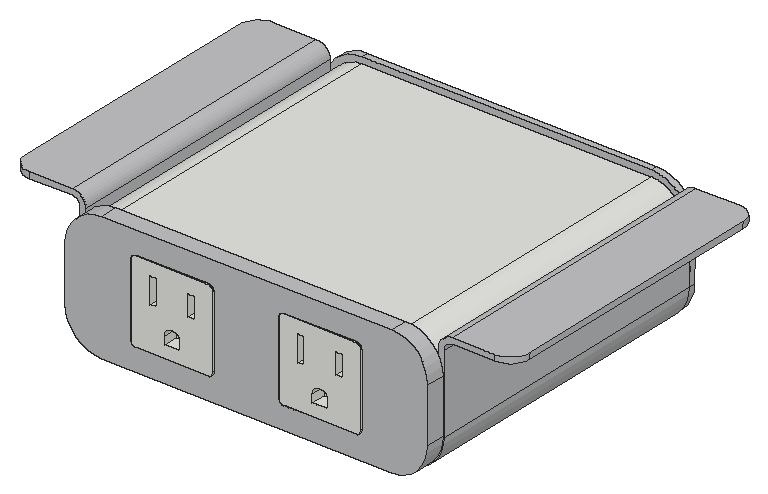
Revit family "Electrical-Teknion-YEBPW_Below_Power_Module_WE_Connect-R2023", category Furniture, Revit 2023
Family settings
  OmniClass Number = 23.40.20.00
  OmniClass Title = General Furniture and Specialties
  Work Plane-Based = No
  Enable Cutting in Views = No
  Always vertical = Yes
  Cut with Voids When Loaded = No
  Render Appearance Source = Family Geometry
  Shared = Yes
  Room Calculation Point = No
Parameters (values of type "2 Power/ 1 Power (Rear)")
  Warranty = "http://www.teknion.com/ca/papers/legal-canada"
  Unit Weight URL = "http://www.teknion.com/ca/tools/assets#&asset=bee6a381-b954-425e-8283-5a2de3a804f2,f828d448-4b62-4231-9e5f-9a8991c0ed77"
  URL = "www.teknion.com"
  To render please download texture images found here [instance] = "https://assets.teknion.com/web/5e81352c1dfdb467/revit-material-swatches/"
  Sustainability Data = "https://www.teknion.com/ca/tools/assets#&topic=216f99a5-57a0-44fc-b10a-9dee9b29ae4c&asset=444deb64-fe58-4b68-981e-f75e97781df7,b4ff2d81-9f2e-437d-9659-7cffb09c31cf"
  Series = "Power Accessories"  # constant formula
  Receptacle Finish [instance] = Plastic - Teknion - 8D - Atrium White
  Rear - Power = or([RA - 1 Power/ 1 USB - A+C (65W)/ 1 Power (Rear)], [RB - 1 Power/ 1 USB - A+C (18W)/ 1 Power (Rear)], [RC - 2 Power/ 1 Power (Rear)])  # yes
  Rear - HDMI = [RD - 1 Power/ 1 HDMI/ 1 HDMI (Rear)]  # no
  RD - 1 Power/ 1 HDMI/ 1 HDMI (Rear) = no
  RC - 2 Power/ 1 Power (Rear) = yes
  RB - 1 Power/ 1 USB - A+C (18W)/ 1 Power (Rear) = no
  RA - 1 Power/ 1 USB - A+C (65W)/ 1 Power (Rear) = no
  Product Page URL = "https://www.teknion.com/ca/product/accessories/power-accessories"
  Product Line = "Electrical"  # constant formula
  Product Documentation Link = "https://www.teknion.com/pricing/complements/pdfs/YEBPW_ppg.pdf"
  Part Number = "YEBPW"  # constant formula
  Model = "YEBPWURC_"
  Manufacturer Phone = "416-661-3370"  # constant formula
  Manufacturer Fax = "416.661.4586"  # constant formula
  Manufacturer Contact Information = "http://www.teknion.com/ca/contactus"
  Manufacturer Address = "1150 Flint Road, Toronto, ON. M3J 2J5. Canada"  # constant formula
  Manufacturer = "Teknion"  # constant formula
  How To Use Teknion Materials User Guide [instance] = "https://assets.teknion.com/m/205dd0a49fa58060/original/How-to-add-a-Material-Library-and-Texture-Images-to-your-Revit-project.pdf"
  Front - USB (65W) = [RA - 1 Power/ 1 USB - A+C (65W)/ 1 Power (Rear)]  # no
  Front - USB (18W) = [RB - 1 Power/ 1 USB - A+C (18W)/ 1 Power (Rear)]  # no
  Front - Power 2 = or([RA - 1 Power/ 1 USB - A+C (65W)/ 1 Power (Rear)], [RB - 1 Power/ 1 USB - A+C (18W)/ 1 Power (Rear)], [RC - 2 Power/ 1 Power (Rear)])  # yes
  Front - Power 1 = or([RC - 2 Power/ 1 Power (Rear)], [RD - 1 Power/ 1 HDMI/ 1 HDMI (Rear)])  # yes
  Front - HDMI = [RD - 1 Power/ 1 HDMI/ 1 HDMI (Rear)]  # no
  For Additional Finishes please visit [instance] = "https://assets.teknion.com/m/44a8009b046e5d47/original/Teknion_Materials_Library.zip"
  Faceplate Finish [instance] = Paint - Teknion - Mica - Platinum
  Description = "Below Power Module, WE Connect, Standard Undermount, 2 Power/ 1 Power (Rear) Configuration"
  Default Elevation = 0.000"
  Bracket Finish [instance] = Paint - Teknion - Mica - Platinum
  Assembly Code = "E2020200"
Reference planes (in)
  plane 1 "Center Front/Back": y = 0.44001
  plane 2: z = 0
  plane 3 "Center Left/Right": x = 0.1508
  plane 4 "Left": x = -3.1366
  plane 5 "Right": x = 3.43821
  plane 6 "Back": y = 2.65882
  plane 7 "Front": y = -1.7788
  plane 8 "Top": z = 28.00005
  plane 9: x = -0.81376
  plane 10: x = 1.11537
Forms (in)
  Sweep 1, solid, material "Paint - Teknion - Mica - Platinum" <- "Bracket Finish"
    path origin (0, 0, 0) x (1, 0, 0) y (0, 1, 0)
      loop
        line (0.1508, 2.46136) -> (0.1508, -1.51502)
    profile origin (0.1508, 0.47317, 0) x (1, 0, 0) y (0, 0, 1)
      loop
        line (-2.47785, 28.00005) -> (-2.47785, 27.92505)
        arc (-2.47785, 27.92505) -> (-2.40735, 27.89585) -> (-2.37815, 27.82535) r 0.0997
        line (-2.37815, 27.82535) -> (-2.37815, 26.79925)
        arc (-2.37815, 26.79925) -> (-2.24087, 26.46783) -> (-1.90945, 26.33055) r 0.4687
        line (-1.90945, 26.33055) -> (1.90945, 26.33055)
        arc (1.90945, 26.33055) -> (2.24087, 26.46783) -> (2.37815, 26.79925) r 0.4687
        line (2.37815, 26.79925) -> (2.37815, 27.82535)
        arc (2.37815, 27.82535) -> (2.40735, 27.89585) -> (2.47785, 27.92505) r 0.0997
        line (2.47785, 27.92505) -> (2.47785, 28.00005)
        arc (2.47785, 28.00005) -> (2.35432, 27.94888) -> (2.30315, 27.82535) r 0.1747
        line (2.30315, 27.82535) -> (2.30315, 26.79925)
        arc (2.30315, 26.79925) -> (2.18784, 26.52086) -> (1.90945, 26.40555) r 0.3937
        line (1.90945, 26.40555) -> (-1.90945, 26.40555)
        arc (-1.90945, 26.40555) -> (-2.18784, 26.52086) -> (-2.30315, 26.79925) r 0.3937
        line (-2.30315, 26.79925) -> (-2.30315, 27.82535)
        arc (-2.30315, 27.82535) -> (-2.35432, 27.94888) -> (-2.47785, 28.00005) r 0.1747
  Sweep 2, solid, material "Paint - Teknion - Mica - Platinum" <- "Bracket Finish"
    path origin (0, 0.44001, 0) x (1, 0, 0) y (0, 0, 1)
      loop
        line (0.1508, 28.00005) -> (0.1508, 27.92505)
    profile origin (0.1508, 0.44001, 27.96255) x (0, -1, 0) y (1, 0, 0)
      loop
        line (1.95503, -2.47785) -> (-2.02135, -2.47785) -> (-2.02135, -3.03741)
        arc (-2.02135, -3.03741) -> (-1.94813, -3.21418) -> (-1.77135, -3.28741) r 0.25
        line (-1.77135, -3.28741) -> (1.70503, -3.28741)
        arc (1.70503, -3.28741) -> (1.88181, -3.21418) -> (1.95503, -3.03741) r 0.25
        line (1.95503, -3.03741) -> (1.95503, -2.47785)
      loop
        line (1.95503, 2.47785) -> (1.95503, 3.03741)
        arc (1.95503, 3.03741) -> (1.88181, 3.21418) -> (1.70503, 3.28741) r 0.25
        line (1.70503, 3.28741) -> (-1.77135, 3.28741)
        arc (-1.77135, 3.28741) -> (-1.94813, 3.21418) -> (-2.02135, 3.03741) r 0.25
        line (-2.02135, 3.03741) -> (-2.02135, 2.47785) -> (1.95503, 2.47785)
  Sweep 3, solid, material "Plastic - Teknion - 8D - Atrium White" <- "Receptacle Finish"
    path origin (0, 0, 0) x (1, 0, 0) y (0, 1, 0)
      loop
        line (0.1508, -1.70202) -> (0.1508, 2.4712)
    profile origin (0.1508, 0.38459, 0) x (-1, 0, 0) y (0, 0, 1)
      loop
        line (1.88976, 27.9213) -> (-1.88976, 27.9213)
        arc (-1.88976, 27.9213) -> (-2.17118, 27.80698) -> (-2.29316, 27.52879) r 0.40354
        line (-2.29316, 27.52879) -> (-2.30315, 27.16343) -> (-2.29316, 26.79806)
        arc (-2.29316, 26.79806) -> (-2.17118, 26.51987) -> (-1.88976, 26.40555) r 0.40354
        line (-1.88976, 26.40555) -> (1.88976, 26.40555)
        arc (1.88976, 26.40555) -> (2.17118, 26.51987) -> (2.29316, 26.79806) r 0.40354
        line (2.29316, 26.79806) -> (2.30315, 27.16343) -> (2.29316, 27.52879)
        arc (2.29316, 27.52879) -> (2.17118, 27.80698) -> (1.88976, 27.9213) r 0.40354
  Sweep 4, solid, material "Paint - Teknion - Mica - Platinum" <- "Faceplate Finish"
    path origin (0, 0, 0) x (1, 0, 0) y (0, 1, 0)
      loop
        line (0.1508, 2.55979) -> (0.1508, 2.4712)
    profile origin (0.1508, 2.5155, 0) x (1, 0, 0) y (0, 0, 1)
      loop
        arc (-1.88976, 28.00003) -> (-2.22609, 27.8634) -> (-2.37187, 27.53094) r 0.48228
        line (-2.37187, 27.53094) -> (-2.38192, 27.16343) -> (-2.37187, 26.79592)
        arc (-2.37187, 26.79592) -> (-2.22609, 26.46345) -> (-1.88976, 26.32682) r 0.48228
        line (-1.88976, 26.32682) -> (1.88976, 26.32682)
        arc (1.88976, 26.32682) -> (2.22609, 26.46345) -> (2.37187, 26.79592) r 0.48228
        line (2.37187, 26.79592) -> (2.38192, 27.16343) -> (2.37187, 27.53094)
        arc (2.37187, 27.53094) -> (2.22609, 27.8634) -> (1.88976, 28.00003) r 0.48228
        line (1.88976, 28.00003) -> (-1.88976, 28.00003)
      loop
        line (1.88707, 27.7245) -> (-1.88707, 27.7245)
        arc (-1.88707, 27.7245) -> (-2.03117, 27.66482) -> (-2.09085, 27.52072) r 0.20378
        line (-2.09085, 27.52072) -> (-2.09085, 26.80613)
        arc (-2.09085, 26.80613) -> (-2.03117, 26.66204) -> (-1.88707, 26.60235) r 0.20378
        line (-1.88707, 26.60235) -> (1.88707, 26.60235)
        arc (1.88707, 26.60235) -> (2.03117, 26.66204) -> (2.09085, 26.80613) r 0.20378
        line (2.09085, 26.80613) -> (2.09085, 27.52072)
        arc (2.09085, 27.52072) -> (2.03117, 27.66482) -> (1.88707, 27.7245) r 0.20378
  Sweep 5, void
    path origin (0, 0, 0) x (1, 0, 0) y (0, 1, 0)
      loop
        line (0.1508, -1.58194) -> (0.1508, -1.7788)
    profile origin (0.1508, -1.68037, 0) x (1, 0, 0) y (0, 0, 1)
      loop
        line (-0.48972, 27.70597) -> (-1.43939, 27.70597)
        arc (-1.43939, 27.70597) -> (-1.48726, 27.68614) -> (-1.50709, 27.63827) r 0.0677
        line (-1.50709, 27.63827) -> (-1.50709, 26.68858)
        arc (-1.50709, 26.68858) -> (-1.48726, 26.64071) -> (-1.43939, 26.62088) r 0.0677
        line (-1.43939, 26.62088) -> (-0.48972, 26.62088)
        arc (-0.48972, 26.62088) -> (-0.44185, 26.64071) -> (-0.42203, 26.68858) r 0.0677
        line (-0.42203, 26.68858) -> (-0.42203, 27.63827)
        arc (-0.42203, 27.63827) -> (-0.44185, 27.68614) -> (-0.48972, 27.70597) r 0.0677
      loop
        line (1.43941, 27.70597) -> (0.48974, 27.70597)
        arc (0.48974, 27.70597) -> (0.44187, 27.68614) -> (0.42205, 27.63827) r 0.0677
        line (0.42205, 27.63827) -> (0.42205, 26.68858)
        arc (0.42205, 26.68858) -> (0.44187, 26.64071) -> (0.48974, 26.62088) r 0.0677
        line (0.48974, 26.62088) -> (1.43941, 26.62088)
        arc (1.43941, 26.62088) -> (1.48728, 26.64071) -> (1.50711, 26.68858) r 0.0677
        line (1.50711, 26.68858) -> (1.50711, 27.63827)
        arc (1.50711, 27.63827) -> (1.48728, 27.68614) -> (1.43941, 27.70597) r 0.0677
  Sweep 6, solid, material "Paint - Teknion - Mica - Platinum" <- "Faceplate Finish"
    path origin (0, 0, 0) x (1, 0, 0) y (0, 1, 0)
      loop
        line (0.1508, -1.5347) -> (0.1508, -1.77092)
    profile origin (0.1508, -1.65281, 0) x (1, 0, 0) y (0, 0, 1)
      loop
        line (1.88976, 27.99312) -> (-1.88976, 27.99312)
        arc (-1.88976, 27.99312) -> (-2.2259, 27.85389) -> (-2.36513, 27.51776) r 0.47536
        line (-2.36513, 27.51776) -> (-2.36513, 26.8091)
        arc (-2.36513, 26.8091) -> (-2.2259, 26.47296) -> (-1.88976, 26.33373) r 0.47536
        line (-1.88976, 26.33373) -> (1.88976, 26.33373)
        arc (1.88976, 26.33373) -> (2.2259, 26.47296) -> (2.36513, 26.8091) r 0.47536
        line (2.36513, 26.8091) -> (2.36513, 27.51776)
        arc (2.36513, 27.51776) -> (2.2259, 27.85389) -> (1.88976, 27.99312) r 0.47536
      loop
        arc (-1.50711, 26.68977) -> (-1.48693, 26.64106) -> (-1.43823, 26.62088) r 0.06888
        line (-1.43823, 26.62088) -> (-0.49091, 26.62088)
        arc (-0.49091, 26.62088) -> (-0.4422, 26.64106) -> (-0.42203, 26.68977) r 0.06888
        line (-0.42203, 26.68977) -> (-0.42203, 27.63708)
        arc (-0.42203, 27.63708) -> (-0.4422, 27.68579) -> (-0.49091, 27.70597) r 0.06888
        line (-0.49091, 27.70597) -> (-1.43823, 27.70597)
        arc (-1.43823, 27.70597) -> (-1.48693, 27.68579) -> (-1.50711, 27.63708) r 0.06888
        line (-1.50711, 27.63708) -> (-1.50711, 26.68977)
      loop
        arc (0.42203, 26.68977) -> (0.4422, 26.64106) -> (0.49091, 26.62088) r 0.06888
        line (0.49091, 26.62088) -> (1.43823, 26.62088)
        arc (1.43823, 26.62088) -> (1.48693, 26.64106) -> (1.50711, 26.68977) r 0.06888
        line (1.50711, 26.68977) -> (1.50711, 27.63708)
        arc (1.50711, 27.63708) -> (1.48693, 27.68579) -> (1.43823, 27.70597) r 0.06888
        line (1.43823, 27.70597) -> (0.49091, 27.70597)
        arc (0.49091, 27.70597) -> (0.4422, 27.68579) -> (0.42203, 27.63708) r 0.06888
        line (0.42203, 27.63708) -> (0.42203, 26.68977)
Cuts and joins
  joined: Sweep 1, Sweep 2
  Sweep 5 cuts Sweep 3
Lines and regions (in)
  Masking region 1
    outline origin (0, 0, 0) x (1, 0, 0) y (0, 1, 0)
      loop
        line (-2.18454, 2.46136) -> (-2.8866, 2.46136)
        arc (-2.8866, 2.46136) -> (-3.06338, 2.38814) -> (-3.1366, 2.21136) r 0.25
        line (-3.1366, 2.21136) -> (-3.1366, -1.26502)
        arc (-3.1366, -1.26502) -> (-3.06338, -1.44179) -> (-2.8866, -1.51502) r 0.25
        line (-2.8866, -1.51502) -> (-2.18046, -1.51502) -> (-2.15235, -1.5347) -> (-2.21432, -1.5347) -> (-2.21432, -1.77092) -> (-1.37767, -1.77092) -> (-1.34526, -1.7788) -> (-0.28227, -1.7788) -> (-0.24986, -1.77092) -> (0.55147, -1.77092) -> (0.58387, -1.7788) -> (1.64687, -1.7788) -> (1.67927, -1.77092) -> (2.51593, -1.77092) -> (2.51593, -1.5347) -> (2.45396, -1.5347) -> (2.48207, -1.51502) -> (3.18821, -1.51502)
        arc (3.18821, -1.51502) -> (3.36498, -1.44179) -> (3.43821, -1.26502) r 0.25
        line (3.43821, -1.26502) -> (3.43821, 2.21136)
        arc (3.43821, 2.21136) -> (3.36498, 2.38814) -> (3.18821, 2.46136) r 0.25
        line (3.18821, 2.46136) -> (2.48615, 2.46136) -> (2.45396, 2.4712) -> (2.53273, 2.4712) -> (2.53273, 2.55979) -> (1.64687, 2.55979) -> (1.64687, 2.65882) -> (0.58387, 2.65882) -> (0.58387, 2.55979) -> (-2.23112, 2.55979) -> (-2.23112, 2.4712) -> (-2.15235, 2.4712) -> (-2.18454, 2.46136)
  symbolic lines
    curve 1: line (-2.15235, 2.55979, 0) -> (2.45396, 2.55979, 0)
    curve 2: line (-2.23112, 2.4712, 0) -> (2.53273, 2.4712, 0)
    curve 3: line (-2.15235, 2.4712, 0) -> (-2.15235, -1.5347, 0)
    curve 4: line (2.45396, 2.4712, 0) -> (2.45396, -1.5347, 0)
    curve 5: line (-2.21432, -1.5347, 0) -> (2.51593, -1.5347, 0)
    curve 6: line (-2.15235, -1.77092, 0) -> (2.45396, -1.77092, 0)
  symbolic lines, style "FurnitureHiddenLines", detail levels medium+fine
    curve 7: line (-2.8866, -1.51502, 0) -> (3.18821, -1.51502, 0)
    curve 8: line (3.18821, 2.46136, 0) -> (-2.8866, 2.46136, 0)
    curve 9: line (0.58387, 2.46985, 0) -> (0.58387, 2.65882, 0)
    curve 10: line (1.64687, 2.65882, 0) -> (1.64687, 2.46985, 0)
    curve 11: line (1.64687, 2.46985, 0) -> (0.58387, 2.46985, 0)
    curve 12: line (2.45396, -1.70202, 0) -> (-2.15235, -1.70202, 0)
    curve 13: line (-2.15235, -1.70202, 0) -> (-2.15235, -1.5347, 0)
    curve 14: line (2.45396, -1.70202, 0) -> (2.45396, -1.5347, 0)
    curve 15: line (-1.35631, -1.58194, 0) -> (1.65791, -1.58194, 0)
    curve 16: line (-1.35631, -1.5347, 0) -> (-1.35631, -1.77092, 0)
    curve 17: line (-1.34526, -1.58982, 0) -> (-1.34526, -1.7788, 0)
    curve 18: line (-1.34526, -1.58982, 0) -> (-0.28227, -1.58982, 0)
    curve 19: line (-0.28227, -1.58982, 0) -> (-0.28227, -1.7788, 0)
    curve 20: line (-0.27122, -1.5347, 0) -> (-0.27122, -1.77092, 0)
    curve 21: line (0.57283, -1.5347, 0) -> (0.57283, -1.77092, 0)
    curve 22: line (0.58387, -1.58982, 0) -> (1.64687, -1.58982, 0)
    curve 23: line (1.64687, -1.58982, 0) -> (1.64687, -1.7788, 0)
    curve 24: line (0.58387, -1.58982, 0) -> (0.58387, -1.7788, 0)
    curve 25: line (1.65791, -1.5347, 0) -> (1.65791, -1.77092, 0)
    curve 56: line (2.24165, 2.55979, 0) -> (2.24165, 2.4712, 0)
    curve 57: line (-1.94005, 2.55979, 0) -> (-1.94005, 2.4712, 0)
  symbolic lines, style "FurnitureHiddenLines", visible <- "Rear - HDMI", detail levels fine
    curve 26: line (0.80435, 2.46985, 0) -> (0.80435, 2.65882, 0)
    curve 27: line (1.44608, 2.65882, 0) -> (1.44608, 2.46985, 0)
  symbolic lines, style "FurnitureHiddenLines", visible <- "Rear - Power", detail levels fine
    curve 28: line (0.82206, 2.46985, 0) -> (0.82206, 2.65882, 0)
    curve 29: line (0.90868, 2.46985, 0) -> (0.90868, 2.65882, 0)
    curve 30: line (1.01301, 2.46985, 0) -> (1.01301, 2.65882, 0)
    curve 31: line (1.21773, 2.46985, 0) -> (1.21773, 2.65882, 0)
    curve 32: line (1.32206, 2.46985, 0) -> (1.32206, 2.65882, 0)
    curve 33: line (1.40868, 2.46985, 0) -> (1.40868, 2.65882, 0)
  symbolic lines, style "FurnitureHiddenLines", visible <- "Front - Power 1", detail levels fine
    curve 34: line (-1.10707, -1.58982, 0) -> (-1.10707, -1.7788, 0)
    curve 35: line (-1.02046, -1.58982, 0) -> (-1.02046, -1.7788, 0)
    curve 36: line (-0.91613, -1.58982, 0) -> (-0.91613, -1.7788, 0)
    curve 37: line (-0.7114, -1.58982, 0) -> (-0.7114, -1.7788, 0)
    curve 38: line (-0.60707, -1.58982, 0) -> (-0.60707, -1.7788, 0)
    curve 39: line (-0.52046, -1.58982, 0) -> (-0.52046, -1.7788, 0)
  symbolic lines, style "FurnitureHiddenLines", visible <- "Front - USB (65W)", detail levels fine
    curve 40: line (-1.07508, -1.7788, 0) -> (-1.07508, -1.58982, 0)
    curve 41: line (-0.85264, -1.58982, 0) -> (-0.85264, -1.7788, 0)
    curve 42: line (-0.69024, -1.58982, 0) -> (-0.69024, -1.7788, 0)
    curve 43: line (-0.55245, -1.58982, 0) -> (-0.55245, -1.7788, 0)
  symbolic lines, style "FurnitureHiddenLines", visible <- "Front - USB (18W)", detail levels fine
    curve 44: line (-1.07262, -1.58982, 0) -> (-1.07262, -1.7788, 0)
    curve 45: line (-0.99684, -1.58982, 0) -> (-0.99684, -1.7788, 0)
    curve 46: line (-0.63069, -1.58982, 0) -> (-0.63069, -1.7788, 0)
    curve 47: line (-0.55491, -1.58982, 0) -> (-0.55491, -1.7788, 0)
  symbolic lines, style "FurnitureHiddenLines", visible <- "Front - HDMI", detail levels fine
    curve 48: line (0.78466, -1.7788, 0) -> (0.78466, -1.58982, 0)
    curve 49: line (1.42639, -1.58982, 0) -> (1.42639, -1.7788, 0)
  symbolic lines, style "FurnitureHiddenLines", visible <- "Front - Power 2", detail levels fine
    curve 50: line (0.82206, -1.58982, 0) -> (0.82206, -1.7788, 0)
    curve 51: line (0.90868, -1.58982, 0) -> (0.90868, -1.7788, 0)
    curve 52: line (1.01301, -1.58982, 0) -> (1.01301, -1.7788, 0)
    curve 53: line (1.21773, -1.58982, 0) -> (1.21773, -1.7788, 0)
    curve 54: line (1.32206, -1.58982, 0) -> (1.32206, -1.7788, 0)
    curve 55: line (1.40868, -1.58982, 0) -> (1.40868, -1.7788, 0)
Dimensions and locks (in)
  plane 4 "Left" to plane 5 "Right" = 6.57481"
  plane 6 "Back" to plane 7 "Front" = 4.43762"
  locked: plane 8 "Top" to level at 28.00005
  equal spacing: plane 6 "Back", plane 1 "Center Front/Back", plane 7 "Front"
  equal spacing: plane 4 "Left", plane 3 "Center Left/Right", plane 5 "Right"
  aligned and locked: level to plane 2
  aligned and locked: nested 5 to plane 10
  aligned and locked: nested 5 to plane 6 "Back"
  aligned and locked: nested 3 to plane 10
  aligned and locked: nested 3 to plane 6 "Back"
  aligned and locked: plane 10 to nested 4
  aligned and locked: nested 4 to plane 7 "Front"
  aligned and locked: plane 10 to nested 6
  aligned and locked: nested 6 to plane 7 "Front"
  aligned and locked: nested 1 to plane 9
  aligned and locked: nested 1 to plane 7 "Front"
  aligned and locked: nested 2 to plane 9
  aligned and locked: nested 2 to plane 7 "Front"
  aligned and locked: nested 7 to plane 9
  aligned and locked: nested 7 to plane 7 "Front"
Automatic sketch dimensions
  Sweep 1 sketch curve to plane 3 "Center Left/Right" = 0.000"
  Sweep 1 sketch curve to plane 7 "Front" = 0.26378"
  Sweep 1 sketch curve to plane 6 "Back" = 0.19746"
  Sweep 1 sketch curve to Sweep 1 sketch curve = 0.000"  (x8)
  profile plane to Sweep 1 sketch curve = 2.47785"
  Sweep 1 sketch curve to Sweep 1 sketch curve = 0.0997"  (x2)
  Sweep 1 sketch curve to Sweep 1 sketch curve = 0.075"
  Sweep 1 sketch curve to Sweep 1 sketch curve = 0.3937"  (x2)
  Sweep 1 sketch curve to profile plane = 1.90945"
  level to Sweep 1 sketch curve = 26.33055"
  Sweep 1 sketch curve to Sweep 1 sketch curve = 1.0261"  (x2)
  Sweep 2 sketch curve to plane 8 "Top" = 0.000"
  Sweep 2 sketch curve to plane 8 "Top" = 0.075"
  plane 4 "Left" to Sweep 2 sketch curve = 3.28741"
  Sweep 2 sketch curve to plane 1 "Center Front/Back" = 2.02135"  (x2)
  Sweep 2 sketch curve to Sweep 2 sketch curve = 0.250"  (x4)
  plane 1 "Center Front/Back" to Sweep 2 sketch curve = 1.70503"  (x2)
  profile plane to Sweep 2 sketch curve = 3.28741"
  Sweep 2 sketch curve to Sweep 2 sketch curve = 0.55955"  (x2)
  Sweep 2 sketch curve to profile plane = 2.47785"
  Sweep 3 sketch curve to plane 6 "Back" = 0.18762"
  plane 4 "Left" to Sweep 3 sketch curve = 3.28741"
  Sweep 3 sketch curve to plane 7 "Front" = 0.07677"
  profile plane to Sweep 3 sketch curve = 2.30315"
  Sweep 3 sketch curve to Sweep 3 sketch curve = 0.010"  (x3)
  Sweep 3 sketch curve to Sweep 3 sketch curve = 0.40339"  (x4)
  Sweep 3 sketch curve to profile plane = 1.88976"
  Sweep 3 sketch curve to Sweep 3 sketch curve = 0.000"
  level to Sweep 3 sketch curve = 26.40555"
  Sweep 3 sketch curve to Sweep 3 sketch curve = 0.39251"  (x2)
  Sweep 3 sketch curve to Sweep 3 sketch curve = 0.36537"  (x3)
  Sweep 3 sketch curve to Sweep 3 sketch curve = 0.35433"  (x2)
  Sweep 4 sketch curve to plane 6 "Back" = 0.18762"
  plane 4 "Left" to Sweep 4 sketch curve = 3.28741"
  Sweep 4 sketch curve to Sweep 4 sketch curve = 0.08858"
  plane 7 "Front" to Sweep 5 sketch curve = 0.000"
  plane 3 "Center Left/Right" to Sweep 5 sketch curve = 0.000"
  Sweep 5 sketch curve to plane 7 "Front" = 0.19685"
  profile plane to Sweep 5 sketch curve = 1.50709"
  Sweep 5 sketch curve to Sweep 5 sketch curve = 0.0677"  (x7)
  profile plane to Sweep 5 sketch curve = 0.48972"  (x2)
  Sweep 5 sketch curve to profile plane = 0.42205"
  Sweep 5 sketch curve to Sweep 5 sketch curve = 0.94967"  (x2)
  level to Sweep 5 sketch curve = 26.62088"
  Sweep 5 sketch curve to Sweep 5 sketch curve = 0.94969"  (x2)
  Sweep 6 sketch curve to plane 3 "Center Left/Right" = 0.000"
  Sweep 6 sketch curve to plane 7 "Front" = 0.00787"
  Sweep 6 sketch curve to Sweep 6 sketch curve = 0.23622"
  profile plane to Sweep 6 sketch curve = 2.36513"
  Sweep 6 sketch curve to Sweep 6 sketch curve = 0.47536"  (x3)
  Sweep 6 sketch curve to profile plane = 1.88976"
  Sweep 6 sketch curve to Sweep 6 sketch curve = 0.000"  (x8)
  level to Sweep 6 sketch curve = 26.33373"
  Sweep 6 sketch curve to Sweep 6 sketch curve = 0.70866"
  Sweep 6 sketch curve to Sweep 6 sketch curve = 0.38266"
  Sweep 6 sketch curve to Sweep 6 sketch curve = 0.06888"  (x7)
  profile plane to Sweep 6 sketch curve = 0.49091"  (x2)
  Sweep 6 sketch curve to Sweep 6 sketch curve = 0.18821"  (x2)
  Sweep 6 sketch curve to Sweep 6 sketch curve = 0.11933"  (x2)
  Sweep 6 sketch curve to profile plane = 0.42203"
  Sweep 6 sketch curve to Sweep 6 sketch curve = 0.45154"  (x2)
  Masking region 1 sketch curve to plane 4 "Left" = 0.000"
  plane 7 "Front" to Masking region 1 sketch curve = 0.000"  (x2)
  Masking region 1 sketch curve to plane 6 "Back" = 0.000"
  Masking region 1 sketch curve to plane 5 "Right" = 0.000"
  plane 4 "Left" to Masking region 1 sketch curve = 0.250"  (x2)
  Masking region 1 sketch curve to plane 6 "Back" = 0.09903"  (x2)
  Masking region 1 sketch curve to Masking region 1 sketch curve = 0.65548"
  Masking region 1 sketch curve to plane 7 "Front" = 0.00787"  (x3)
  Masking region 1 sketch curve to Masking region 1 sketch curve = 0.67228"
  Masking region 1 sketch curve to Masking region 1 sketch curve = 0.04658"  (x2)
  Masking region 1 sketch curve to Masking region 1 sketch curve = 0.03386"
  Masking region 1 sketch curve to Masking region 1 sketch curve = 0.02811"  (x2)
  Masking region 1 sketch curve to plane 6 "Back" = 0.18762"  (x2)
  Masking region 1 sketch curve to Masking region 1 sketch curve = 0.03219"  (x2)
  plane 9 to Masking region 1 sketch curve = 0.5639"
  Masking region 1 sketch curve to Masking region 1 sketch curve = 0.03241"  (x4)
  Masking region 1 sketch curve to plane 3 "Center Left/Right" = 0.43307"
  plane 3 "Center Left/Right" to Masking region 1 sketch curve = 0.43307"  (x2)
  plane 10 to Masking region 1 sketch curve = 0.5315"  (x2)
  Masking region 1 sketch curve to Masking region 1 sketch curve = 0.80709"  (x2)
  Masking region 1 sketch curve to plane 7 "Front" = 0.24409"  (x2)
  Masking region 1 sketch curve to plane 7 "Front" = 0.26378"
  Masking region 1 sketch curve to plane 6 "Back" = 0.19746"
  Masking region 1 sketch curve to Masking region 1 sketch curve = 0.06197"
  Masking region 1 sketch curve to Masking region 1 sketch curve = 0.250"  (x2)
  Masking region 1 sketch curve to Masking region 1 sketch curve = 0.01969"
  Masking region 1 sketch curve to plane 6 "Back" = 0.44746"
  profile plane to Sweep 4 sketch curve = 2.38192"
  Sweep 4 sketch curve to Sweep 4 sketch curve = 0.01006"  (x3)
  Sweep 4 sketch curve to Sweep 4 sketch curve = 0.28102"  (x3)
  Sweep 4 sketch curve to Sweep 4 sketch curve = 0.20109"  (x3)
  Sweep 4 sketch curve to Sweep 4 sketch curve = 0.00269"  (x4)
  Sweep 4 sketch curve to profile plane = 1.88707"
  Sweep 4 sketch curve to Sweep 4 sketch curve = 0.000"
  level to Sweep 4 sketch curve = 26.32682"
  Sweep 4 sketch curve to Sweep 4 sketch curve = 0.27553"
  Sweep 4 sketch curve to Sweep 4 sketch curve = 0.01021"  (x3)
  Sweep 4 sketch curve to Sweep 4 sketch curve = 0.36751"  (x2)
  Sweep 4 sketch curve to Sweep 4 sketch curve = 0.35432"  (x2)
  Sweep 4 sketch curve to Sweep 4 sketch curve = 0.00298"
  plane 7 "Front" to curve 17 = 0.000"
  plane 7 "Front" to curve 34 = 0.000"
  plane 7 "Front" to curve 40 = 0.000"
  plane 7 "Front" to curve 44 = 0.000"
  plane 7 "Front" to curve 35 = 0.000"
  plane 7 "Front" to curve 45 = 0.000"
  plane 7 "Front" to curve 36 = 0.000"
  plane 7 "Front" to curve 41 = 0.000"
  plane 7 "Front" to curve 37 = 0.000"
  plane 7 "Front" to curve 42 = 0.000"
  plane 7 "Front" to curve 46 = 0.000"
  plane 7 "Front" to curve 38 = 0.000"
  plane 7 "Front" to curve 47 = 0.000"
  plane 7 "Front" to curve 43 = 0.000"
  plane 7 "Front" to curve 39 = 0.000"
  plane 7 "Front" to curve 19 = 0.000"
  plane 7 "Front" to curve 24 = 0.000"
  curve 9 to plane 6 "Back" = 0.000"
  plane 7 "Front" to curve 48 = 0.000"
  curve 26 to plane 6 "Back" = 0.000"
  plane 7 "Front" to curve 50 = 0.000"
  curve 28 to plane 6 "Back" = 0.000"
  plane 7 "Front" to curve 51 = 0.000"
  curve 29 to plane 6 "Back" = 0.000"
  curve 30 to plane 6 "Back" = 0.000"
  plane 7 "Front" to curve 52 = 0.000"
  plane 7 "Front" to curve 53 = 0.000"
  curve 31 to plane 6 "Back" = 0.000"
  plane 7 "Front" to curve 54 = 0.000"
  curve 32 to plane 6 "Back" = 0.000"
  curve 33 to plane 6 "Back" = 0.000"
  plane 7 "Front" to curve 55 = 0.000"
  plane 7 "Front" to curve 49 = 0.000"
  curve 27 to plane 6 "Back" = 0.000"
  curve 10 to plane 6 "Back" = 0.000"
  plane 7 "Front" to curve 23 = 0.000"
  curve 3 to plane 7 "Front" = 0.24409"
  plane 4 "Left" to curve 3 = 0.98425"
  curve 18 to plane 7 "Front" = 0.18898"
  plane 9 to curve 18 = 0.5315"
  curve 18 to plane 3 "Center Left/Right" = 0.43307"
  curve 11 to plane 6 "Back" = 0.18898"
  plane 3 "Center Left/Right" to curve 11 = 0.43307"
  curve 22 to plane 7 "Front" = 0.18898"
  plane 3 "Center Left/Right" to curve 22 = 0.43307"
  plane 10 to curve 23 = 0.5315"
  plane 10 to curve 10 = 0.5315"
  curve 4 to plane 7 "Front" = 0.24409"
  curve 22 to curve 4 = 0.80709"
  curve 14 to plane 7 "Front" = 0.07677"
  curve 5 to curve 3 = 0.06197"
  curve 2 to curve 3 = 0.07877"
  plane 4 "Left" to curve 7 = 0.250"
  plane 4 "Left" to curve 8 = 0.250"
  curve 6 to plane 7 "Front" = 0.00787"
  curve 6 to curve 12 = 0.000"  (x2)
  curve 1 to curve 3 = 0.000"
  curve 57 to plane 6 "Back" = 0.09903"
  curve 1 to curve 57 = 0.2123"
  curve 16 to curve 17 = 0.01105"
  curve 17 to curve 34 = 0.23819"
  curve 34 to curve 40 = 0.03199"
  curve 40 to curve 44 = 0.00246"
  curve 44 to curve 35 = 0.05217"
  curve 35 to curve 45 = 0.02362"
  curve 45 to curve 36 = 0.08071"
  plane 9 to curve 41 = 0.03888"
  curve 37 to plane 9 = 0.10236"
  curve 37 to curve 42 = 0.02116"
  curve 42 to curve 46 = 0.05955"
  curve 46 to curve 38 = 0.02362"
  curve 38 to curve 47 = 0.05217"
  curve 47 to curve 43 = 0.00246"
  curve 43 to curve 39 = 0.03199"
  curve 18 to curve 20 = 0.01105"
  curve 21 to curve 24 = 0.01105"
  curve 24 to curve 48 = 0.20079"
  curve 9 to curve 26 = 0.22047"
  curve 26 to curve 28 = 0.01772"
  curve 48 to curve 50 = 0.0374"
  curve 50 to curve 51 = 0.08661"
  curve 28 to curve 29 = 0.08661"
  curve 30 to plane 10 = 0.10236"
  curve 52 to plane 10 = 0.10236"
  plane 10 to curve 53 = 0.10236"
  plane 10 to curve 31 = 0.10236"
  curve 53 to curve 54 = 0.10433"
  curve 31 to curve 32 = 0.10433"
  curve 32 to curve 33 = 0.08661"
  curve 54 to curve 55 = 0.08661"
  curve 55 to curve 49 = 0.01772"
  curve 33 to curve 27 = 0.0374"
  curve 23 to curve 25 = 0.01105"
  curve 56 to curve 4 = 0.2123"
  curve 1 to curve 4 = 0.000"
  curve 4 to curve 5 = 0.06197"
  curve 4 to curve 2 = 0.07877"
  plane 5 "Right" to curve 7 = 0.250"
  plane 5 "Right" to curve 8 = 0.250"
  curve 17 to curve 15 = 0.00787"
  curve 18 to curve 20 = 0.05512"
  curve 7 to plane 7 "Front" = 0.26378"
  curve 8 to plane 6 "Back" = 0.19746"
  curve 4 to curve 1 = 0.08858"
Nested families (in)
  nested 1: "USB - A + C (65W)" at (-0.86317, -1.71143, 0), visible <- "Front - USB (65W)", Receptacle Finish <- "Receptacle Finish", type "USB - A + C (65W)"
    with To render please download texture images found here "https://assets.teknion.com/web/5e81352c1dfdb467/revit-material-swatches/", Receptacle Finish Plastic - Teknion - 8D - Atrium White, How To Use Teknion Materials User Guide "https://assets.teknion.com/m/205dd0a49fa58060/original/How-to-add-a-Material-Library-and-Texture-Images-to-your-Revit-project.pdf", For Additional Finishes please visit "https://assets.teknion.com/m/44a8009b046e5d47/original/Teknion_Materials_Library.zip"
  nested 2: "USB - A + C (18W)" at (-0.86317, -1.71143, 0), visible <- "Front - USB (18W)", Receptacle Finish <- "Receptacle Finish", type "USB - A + C (18W)"
    with To render please download texture images found here "https://assets.teknion.com/web/5e81352c1dfdb467/revit-material-swatches/", Receptacle Finish Plastic - Teknion - 8D - Atrium White, How To Use Teknion Materials User Guide "https://assets.teknion.com/m/205dd0a49fa58060/original/How-to-add-a-Material-Library-and-Texture-Images-to-your-Revit-project.pdf", For Additional Finishes please visit "https://assets.teknion.com/m/44a8009b046e5d47/original/Teknion_Materials_Library.zip"
  nested 3: "HDMI" at (1.16477, 2.59146, 0) x (-1, 0, 0) z (0, 0, 1), visible <- "Rear - HDMI", Receptacle Finish <- "Receptacle Finish", type "HDMI"
    with To render please download texture images found here "https://assets.teknion.com/web/5e81352c1dfdb467/revit-material-swatches/", Receptacle Finish Plastic - Teknion - 8D - Atrium White, How To Use Teknion Materials User Guide "https://assets.teknion.com/m/205dd0a49fa58060/original/How-to-add-a-Material-Library-and-Texture-Images-to-your-Revit-project.pdf", For Additional Finishes please visit "https://assets.teknion.com/m/44a8009b046e5d47/original/Teknion_Materials_Library.zip"
  nested 4: "Power" at (1.06597, -1.71143, 0), visible <- "Front - Power 2", Receptacle Finish <- "Receptacle Finish", type "Power"
    with To render please download texture images found here "https://assets.teknion.com/web/5e81352c1dfdb467/revit-material-swatches/", Receptacle Finish Plastic - Teknion - 8D - Atrium White, How To Use Teknion Materials User Guide "https://assets.teknion.com/m/205dd0a49fa58060/original/How-to-add-a-Material-Library-and-Texture-Images-to-your-Revit-project.pdf", For Additional Finishes please visit "https://assets.teknion.com/m/44a8009b046e5d47/original/Teknion_Materials_Library.zip"
  nested 5: "Power" at (1.16477, 2.59146, 0) x (-1, 0, 0) z (0, 0, 1), visible <- "Rear - Power", Receptacle Finish <- "Receptacle Finish", type "Power"
    with To render please download texture images found here "https://assets.teknion.com/web/5e81352c1dfdb467/revit-material-swatches/", Receptacle Finish Plastic - Teknion - 8D - Atrium White, How To Use Teknion Materials User Guide "https://assets.teknion.com/m/205dd0a49fa58060/original/How-to-add-a-Material-Library-and-Texture-Images-to-your-Revit-project.pdf", For Additional Finishes please visit "https://assets.teknion.com/m/44a8009b046e5d47/original/Teknion_Materials_Library.zip"
  nested 6: "HDMI" at (1.06597, -1.71143, 0), visible <- "Front - HDMI", Receptacle Finish <- "Receptacle Finish", type "HDMI"
    with To render please download texture images found here "https://assets.teknion.com/web/5e81352c1dfdb467/revit-material-swatches/", Receptacle Finish Plastic - Teknion - 8D - Atrium White, How To Use Teknion Materials User Guide "https://assets.teknion.com/m/205dd0a49fa58060/original/How-to-add-a-Material-Library-and-Texture-Images-to-your-Revit-project.pdf", For Additional Finishes please visit "https://assets.teknion.com/m/44a8009b046e5d47/original/Teknion_Materials_Library.zip"
  nested 7: "Power" at (-0.86317, -1.71143, 0), visible <- "Front - Power 1", Receptacle Finish <- "Receptacle Finish", type "Power"
    with To render please download texture images found here "https://assets.teknion.com/web/5e81352c1dfdb467/revit-material-swatches/", Receptacle Finish Plastic - Teknion - 8D - Atrium White, How To Use Teknion Materials User Guide "https://assets.teknion.com/m/205dd0a49fa58060/original/How-to-add-a-Material-Library-and-Texture-Images-to-your-Revit-project.pdf", For Additional Finishes please visit "https://assets.teknion.com/m/44a8009b046e5d47/original/Teknion_Materials_Library.zip"
  nested 8: "Teknion_2D_Node_Family-R2016" at (0.1508, -1.77092, 0), type "Teknion_2D_Node_Family-R2016"
Definition of nested family "USB - A + C (65W)"
  Parameters (values of type "USB - A + C (65W)")
    Warranty = "http://www.teknion.com/ca/papers/legal-canada"
    Unit Weight URL = "http://www.teknion.com/ca/tools/assets#&asset=bee6a381-b954-425e-8283-5a2de3a804f2,f828d448-4b62-4231-9e5f-9a8991c0ed77"
    URL = "www.teknion.com"
    To render please download texture images found here [instance] = "https://assets.teknion.com/web/5e81352c1dfdb467/revit-material-swatches/"
    Sustainability Data = "https://www.teknion.com/ca/tools/assets#&topic=216f99a5-57a0-44fc-b10a-9dee9b29ae4c&asset=444deb64-fe58-4b68-981e-f75e97781df7,b4ff2d81-9f2e-437d-9659-7cffb09c31cf"
    Series = ""
    Receptacle Finish [instance] = none
    Product Page URL = ""
    Product Line = ""
    Product Documentation Link = ""
    Part Number = ""
    Model = ""
    Manufacturer Phone = "416-661-3370"  # constant formula
    Manufacturer Fax = "416.661.4586"  # constant formula
    Manufacturer Contact Information = "http://www.teknion.com/ca/contactus"
    Manufacturer Address = "1150 Flint Road, Toronto, ON. M3J 2J5. Canada"  # constant formula
    Manufacturer = "Teknion"  # constant formula
    How To Use Teknion Materials User Guide [instance] = "https://assets.teknion.com/m/205dd0a49fa58060/original/How-to-add-a-Material-Library-and-Texture-Images-to-your-Revit-project.pdf"
    For Additional Finishes please visit [instance] = "https://assets.teknion.com/m/44a8009b046e5d47/original/Teknion_Materials_Library.zip"
    Description = "USB - A + C (65W)"
    Default Elevation = 0.000"
    Assembly Code = "E2020200"
  Reference planes (in)
    plane 1 "Center Front/Back": y = 0.02712
    plane 2: z = 0
    plane 3 "Center Left/Right": x = 0.0494
    plane 4 "Left": x = -0.48209
    plane 5 "Right": x = 0.5809
    plane 6 "Back": y = 0.12161
    plane 7 "Front": y = -0.06737
    plane 8 "Top": z = 27.69492
    plane 9: z = 26.63193
  Forms (in)
    Sweep 1, solid, material <- "Receptacle Finish"
      path origin (0, 0, 0) x (1, 0, 0) y (0, 1, 0)
        loop
          line (0.0494, 0.12161) -> (0.0494, -0.06737)
      profile origin (0.0494, 0.02712, 0) x (1, 0, 0) y (0, 0, 1)
        loop
          line (0.47244, 27.69492) -> (-0.47244, 27.69492)
          arc (-0.47244, 27.69492) -> (-0.5142, 27.67763) -> (-0.5315, 27.63587) r 0.05906
          line (-0.5315, 27.63587) -> (-0.5315, 26.69099)
          arc (-0.5315, 26.69099) -> (-0.5142, 26.64923) -> (-0.47244, 26.63193) r 0.05906
          line (-0.47244, 26.63193) -> (0.47244, 26.63193)
          arc (0.47244, 26.63193) -> (0.5142, 26.64923) -> (0.5315, 26.69099) r 0.05906
          line (0.5315, 26.69099) -> (0.5315, 27.63587)
          arc (0.5315, 27.63587) -> (0.5142, 27.67763) -> (0.47244, 27.69492) r 0.05906
        loop
          line (-0.26132, 27.42209) -> (-0.26132, 26.90437) -> (-0.03888, 26.90437) -> (-0.03888, 27.42209) -> (-0.26132, 27.42209)
        loop
          line (0.26132, 27.10319) -> (0.26132, 27.37484)
          arc (0.26132, 27.37484) -> (0.24748, 27.40825) -> (0.21407, 27.42209) r 0.04724
          line (0.21407, 27.42209) -> (0.17077, 27.42209)
          arc (0.17077, 27.42209) -> (0.13736, 27.40825) -> (0.12352, 27.37484) r 0.04724
          line (0.12352, 27.37484) -> (0.12352, 27.10319)
          arc (0.12352, 27.10319) -> (0.13736, 27.06978) -> (0.17077, 27.05595) r 0.04724
          line (0.17077, 27.05595) -> (0.21407, 27.05595)
          arc (0.21407, 27.05595) -> (0.24748, 27.06978) -> (0.26132, 27.10319) r 0.04724
    Sweep 2, void
      path origin (0, 0, 0) x (1, 0, 0) y (0, 1, 0)
        loop
          line (0.0494, -0.05555) -> (0.0494, -0.12034)
      profile origin (0.0494, -0.08795, 0) x (1, 0, 0) y (0, 0, 1)
        loop
          line (0.09203, 26.95949) -> (0.09203, 26.83547) -> (0.29281, 26.83547) -> (0.29281, 26.95949) -> (0.09203, 26.95949)
        loop
          line (0.08415, 26.96736) -> (0.08415, 26.8276) -> (0.30069, 26.8276) -> (0.30069, 26.96736) -> (0.08415, 26.96736)
  Cuts and joins
    Sweep 2 cuts Sweep 1
  Lines and regions (in)
    symbolic lines
      curve 1: line (-0.48209, 0.12161, 0) -> (0.5809, 0.12161, 0)
      curve 2: line (-0.48209, -0.06737, 0) -> (-0.48209, 0.12161, 0)
      curve 3: line (0.5809, -0.06737, 0) -> (-0.48209, -0.06737, 0)
      curve 4: line (0.5809, 0.12161, 0) -> (0.5809, -0.06737, 0)
    symbolic lines, detail levels medium+fine
      curve 5: line (-0.21192, -0.06737, 0) -> (-0.21192, 0.12161, 0)
      curve 6: line (0.01052, 0.12161, 0) -> (0.01052, -0.06737, 0)
      curve 7: line (0.17293, 0.12161, 0) -> (0.17293, -0.06737, 0)
      curve 8: line (0.31072, 0.12161, 0) -> (0.31072, -0.06737, 0)
  Dimensions and locks (in)
    plane 4 "Left" to plane 5 "Right" = 1.06299"
    plane 6 "Back" to plane 7 "Front" = 0.18898"
    locked: plane 8 "Top" to level at 27.69492
    equal spacing: plane 6 "Back", plane 1 "Center Front/Back", plane 7 "Front"
    equal spacing: plane 4 "Left", plane 3 "Center Left/Right", plane 5 "Right"
    locked: plane 8 "Top" to plane 9 at 1.06299
    aligned and locked: level to plane 2
  Automatic sketch dimensions
    Sweep 1 sketch curve to plane 3 "Center Left/Right" = 0.000"
    plane 7 "Front" to Sweep 1 sketch curve = 0.000"
    Sweep 1 sketch curve to plane 6 "Back" = 0.000"
    profile plane to Sweep 1 sketch curve = 0.5315"
    Sweep 1 sketch curve to Sweep 1 sketch curve = 0.05906"  (x3)
    profile plane to Sweep 1 sketch curve = 0.26132"
    profile plane to Sweep 1 sketch curve = 0.03888"
    Sweep 1 sketch curve to profile plane = 0.12352"
    Sweep 1 sketch curve to Sweep 1 sketch curve = 0.04724"  (x4)
    Sweep 1 sketch curve to Sweep 1 sketch curve = 0.04331"  (x2)
    Sweep 1 sketch curve to profile plane = 0.47244"
    Sweep 1 sketch curve to Sweep 1 sketch curve = 0.25837"
    level to Sweep 1 sketch curve = 26.63193"
    Sweep 1 sketch curve to Sweep 1 sketch curve = 0.21339"
    Sweep 1 sketch curve to Sweep 1 sketch curve = 0.15157"
    Sweep 1 sketch curve to Sweep 1 sketch curve = 0.27165"
    Sweep 1 sketch curve to Sweep 1 sketch curve = 0.26102"
    plane 3 "Center Left/Right" to Sweep 2 sketch curve = 0.000"
    plane 7 "Front" to Sweep 2 sketch curve = 0.05298"
    Sweep 2 sketch curve to plane 7 "Front" = 0.01181"
    Sweep 2 sketch curve to profile plane = 0.08415"
    Sweep 2 sketch curve to Sweep 2 sketch curve = 0.00787"  (x4)
    Sweep 2 sketch curve to Sweep 2 sketch curve = 0.20079"
    level to Sweep 2 sketch curve = 26.8276"
    Sweep 2 sketch curve to Sweep 2 sketch curve = 0.12402"
    curve 3 to plane 4 "Left" = 0.000"
    curve 5 to plane 6 "Back" = 0.000"
    plane 7 "Front" to curve 8 = 0.000"
    curve 3 to plane 5 "Right" = 0.000"
    curve 5 to plane 3 "Center Left/Right" = 0.26132"
    curve 6 to plane 3 "Center Left/Right" = 0.03888"
    plane 3 "Center Left/Right" to curve 7 = 0.12352"
    curve 7 to curve 8 = 0.1378"
Definition of nested family "USB - A + C (18W)"
  Parameters (values of type "USB - A + C (18W)")
    Warranty = "http://www.teknion.com/ca/papers/legal-canada"
    Unit Weight URL = "http://www.teknion.com/ca/tools/assets#&asset=bee6a381-b954-425e-8283-5a2de3a804f2,f828d448-4b62-4231-9e5f-9a8991c0ed77"
    URL = "www.teknion.com"
    To render please download texture images found here [instance] = "https://assets.teknion.com/web/5e81352c1dfdb467/revit-material-swatches/"
    Sustainability Data = "https://www.teknion.com/ca/tools/assets#&topic=216f99a5-57a0-44fc-b10a-9dee9b29ae4c&asset=444deb64-fe58-4b68-981e-f75e97781df7,b4ff2d81-9f2e-437d-9659-7cffb09c31cf"
    Series = ""
    Receptacle Finish [instance] = none
    Product Page URL = ""
    Product Line = ""
    Product Documentation Link = ""
    Part Number = ""
    Model = ""
    Manufacturer Phone = "416-661-3370"  # constant formula
    Manufacturer Fax = "416.661.4586"  # constant formula
    Manufacturer Contact Information = "http://www.teknion.com/ca/contactus"
    Manufacturer Address = "1150 Flint Road, Toronto, ON. M3J 2J5. Canada"  # constant formula
    Manufacturer = "Teknion"  # constant formula
    How To Use Teknion Materials User Guide [instance] = "https://assets.teknion.com/m/205dd0a49fa58060/original/How-to-add-a-Material-Library-and-Texture-Images-to-your-Revit-project.pdf"
    For Additional Finishes please visit [instance] = "https://assets.teknion.com/m/44a8009b046e5d47/original/Teknion_Materials_Library.zip"
    Description = "USB - A + C (18W)"
    Default Elevation = 0.000"
    Assembly Code = "E2020200"
  Reference planes (in)
    plane 1 "Center Front/Back": y = 0.02712
    plane 2: z = 0
    plane 3 "Center Left/Right": x = 0.0494
    plane 4 "Left": x = -0.48209
    plane 5 "Right": x = 0.5809
    plane 6 "Back": y = 0.12161
    plane 7 "Front": y = -0.06737
    plane 8 "Top": z = 27.69492
    plane 9: z = 26.63193
  Forms (in)
    Sweep 1, solid, material <- "Receptacle Finish"
      path origin (0, 0, 0) x (1, 0, 0) y (0, 1, 0)
        loop
          line (0.0494, 0.12161) -> (0.0494, -0.06737)
      profile origin (0.0494, 0.02712, 0) x (1, 0, 0) y (0, 0, 1)
        loop
          line (0.47244, 27.69492) -> (-0.47244, 27.69492)
          arc (-0.47244, 27.69492) -> (-0.5142, 27.67763) -> (-0.5315, 27.63587) r 0.05906
          line (-0.5315, 27.63587) -> (-0.5315, 26.69099)
          arc (-0.5315, 26.69099) -> (-0.5142, 26.64923) -> (-0.47244, 26.63193) r 0.05906
          line (-0.47244, 26.63193) -> (0.47244, 26.63193)
          arc (0.47244, 26.63193) -> (0.5142, 26.64923) -> (0.5315, 26.69099) r 0.05906
          line (0.5315, 26.69099) -> (0.5315, 27.63587)
          arc (0.5315, 27.63587) -> (0.5142, 27.67763) -> (0.47244, 27.69492) r 0.05906
        loop
          arc (0.13583, 27.28449) -> (0.16923, 27.29833) -> (0.18307, 27.33173) r 0.04724
          line (0.18307, 27.33173) -> (0.18307, 27.37504)
          arc (0.18307, 27.37504) -> (0.16923, 27.40845) -> (0.13583, 27.42228) r 0.04724
          line (0.13583, 27.42228) -> (-0.13583, 27.42228)
          arc (-0.13583, 27.42228) -> (-0.16923, 27.40845) -> (-0.18307, 27.37504) r 0.04724
          line (-0.18307, 27.37504) -> (-0.18307, 27.33173)
          arc (-0.18307, 27.33173) -> (-0.16923, 27.29833) -> (-0.13583, 27.28449) r 0.04724
          line (-0.13583, 27.28449) -> (0.13583, 27.28449)
        loop
          line (-0.25886, 27.12209) -> (-0.25886, 26.89965) -> (0.25886, 26.89965) -> (0.25886, 27.12209) -> (-0.25886, 27.12209)
  Lines and regions (in)
    symbolic lines
      curve 1: line (-0.48209, 0.12161, 0) -> (0.5809, 0.12161, 0)
      curve 2: line (-0.48209, -0.06737, 0) -> (-0.48209, 0.12161, 0)
      curve 3: line (0.5809, -0.06737, 0) -> (-0.48209, -0.06737, 0)
      curve 4: line (0.5809, 0.12161, 0) -> (0.5809, -0.06737, 0)
    symbolic lines, detail levels medium+fine
      curve 5: line (-0.20946, 0.12161, 0) -> (-0.20946, -0.06737, 0)
      curve 6: line (-0.13367, 0.12161, 0) -> (-0.13367, -0.06737, 0)
      curve 7: line (0.23247, 0.12161, 0) -> (0.23247, -0.06737, 0)
      curve 8: line (0.30826, 0.12161, 0) -> (0.30826, -0.06737, 0)
  Dimensions and locks (in)
    plane 4 "Left" to plane 5 "Right" = 1.06299"
    plane 6 "Back" to plane 7 "Front" = 0.18898"
    locked: plane 8 "Top" to level at 27.69492
    equal spacing: plane 6 "Back", plane 1 "Center Front/Back", plane 7 "Front"
    equal spacing: plane 4 "Left", plane 3 "Center Left/Right", plane 5 "Right"
    locked: plane 8 "Top" to plane 9 at 1.06299
    aligned and locked: level to plane 2
  Automatic sketch dimensions
    Sweep 1 sketch curve to plane 3 "Center Left/Right" = 0.000"
    plane 7 "Front" to Sweep 1 sketch curve = 0.000"
    Sweep 1 sketch curve to plane 6 "Back" = 0.000"
    profile plane to Sweep 1 sketch curve = 0.5315"
    Sweep 1 sketch curve to Sweep 1 sketch curve = 0.05906"  (x3)
    Sweep 1 sketch curve to profile plane = 0.47244"  (x2)
    level to Sweep 1 sketch curve = 26.63193"
    Sweep 1 sketch curve to Sweep 1 sketch curve = 0.94488"
    profile plane to Sweep 1 sketch curve = 0.18307"
    Sweep 1 sketch curve to Sweep 1 sketch curve = 0.04724"
    Sweep 1 sketch curve to Sweep 1 sketch curve = 0.000"  (x2)
    Sweep 1 sketch curve to profile plane = 0.13583"
    Sweep 1 sketch curve to Sweep 1 sketch curve = 0.35138"
    Sweep 1 sketch curve to Sweep 1 sketch curve = 0.04331"  (x2)
    Sweep 1 sketch curve to Sweep 1 sketch curve = 0.12303"  (x2)
    Sweep 1 sketch curve to Sweep 1 sketch curve = 0.20866"
    Sweep 1 sketch curve to Sweep 1 sketch curve = 0.1624"
    curve 3 to plane 4 "Left" = 0.000"
    curve 5 to plane 6 "Back" = 0.000"
    plane 7 "Front" to curve 8 = 0.000"
    curve 3 to plane 5 "Right" = 0.000"
    curve 5 to plane 3 "Center Left/Right" = 0.25886"
    curve 5 to curve 6 = 0.07579"
    plane 3 "Center Left/Right" to curve 7 = 0.18307"
    curve 7 to curve 8 = 0.07579"
Definition of nested family "HDMI"
  Parameters (values of type "HDMI")
    Warranty = "http://www.teknion.com/ca/papers/legal-canada"
    Unit Weight URL = "http://www.teknion.com/ca/tools/assets#&asset=bee6a381-b954-425e-8283-5a2de3a804f2,f828d448-4b62-4231-9e5f-9a8991c0ed77"
    URL = "www.teknion.com"
    To render please download texture images found here [instance] = "https://assets.teknion.com/web/5e81352c1dfdb467/revit-material-swatches/"
    Sustainability Data = "https://www.teknion.com/ca/tools/assets#&topic=216f99a5-57a0-44fc-b10a-9dee9b29ae4c&asset=444deb64-fe58-4b68-981e-f75e97781df7,b4ff2d81-9f2e-437d-9659-7cffb09c31cf"
    Series = ""
    Receptacle Finish [instance] = none
    Product Page URL = ""
    Product Line = ""
    Product Documentation Link = ""
    Part Number = ""
    Model = ""
    Manufacturer Phone = "416-661-3370"  # constant formula
    Manufacturer Fax = "416.661.4586"  # constant formula
    Manufacturer Contact Information = "http://www.teknion.com/ca/contactus"
    Manufacturer Address = "1150 Flint Road, Toronto, ON. M3J 2J5. Canada"  # constant formula
    Manufacturer = "Teknion"  # constant formula
    How To Use Teknion Materials User Guide [instance] = "https://assets.teknion.com/m/205dd0a49fa58060/original/How-to-add-a-Material-Library-and-Texture-Images-to-your-Revit-project.pdf"
    For Additional Finishes please visit [instance] = "https://assets.teknion.com/m/44a8009b046e5d47/original/Teknion_Materials_Library.zip"
    Description = "HDMI"
    Default Elevation = 0.000"
    Assembly Code = "E2020200"
  Reference planes (in)
    plane 1 "Center Front/Back": y = 0.02712
    plane 2: z = 0
    plane 3 "Center Left/Right": x = 0.0494
    plane 4 "Left": x = -0.48209
    plane 5 "Right": x = 0.5809
    plane 6 "Back": y = 0.12161
    plane 7 "Front": y = -0.06737
    plane 8 "Top": z = 27.69492
    plane 9: z = 26.63193
  Forms (in)
    Sweep 1, solid, material <- "Receptacle Finish"
      path origin (0, 0, 0) x (1, 0, 0) y (0, 1, 0)
        loop
          line (0.0494, 0.12161) -> (0.0494, -0.06737)
      profile origin (0.0494, 0.02712, 0) x (1, 0, 0) y (0, 0, 1)
        loop
          line (0.47244, 27.69492) -> (-0.47244, 27.69492)
          arc (-0.47244, 27.69492) -> (-0.5142, 27.67763) -> (-0.5315, 27.63587) r 0.05906
          line (-0.5315, 27.63587) -> (-0.5315, 26.69099)
          arc (-0.5315, 26.69099) -> (-0.5142, 26.64923) -> (-0.47244, 26.63193) r 0.05906
          line (-0.47244, 26.63193) -> (0.47244, 26.63193)
          arc (0.47244, 26.63193) -> (0.5142, 26.64923) -> (0.5315, 26.69099) r 0.05906
          line (0.5315, 26.69099) -> (0.5315, 27.63587)
          arc (0.5315, 27.63587) -> (0.5142, 27.67763) -> (0.47244, 27.69492) r 0.05906
        loop
          line (-0.33071, 26.87156) -> (0.31102, 26.87156) -> (0.31102, 27.45529) -> (-0.33071, 27.45529) -> (-0.33071, 26.87156)
  Lines and regions (in)
    symbolic lines
      curve 1: line (-0.48209, 0.12161, 0) -> (0.5809, 0.12161, 0)
      curve 2: line (-0.48209, -0.06737, 0) -> (-0.48209, 0.12161, 0)
      curve 3: line (0.5809, -0.06737, 0) -> (-0.48209, -0.06737, 0)
      curve 4: line (0.5809, 0.12161, 0) -> (0.5809, -0.06737, 0)
    symbolic lines, detail levels medium+fine
      curve 5: line (-0.28131, -0.06737, 0) -> (-0.28131, 0.12161, 0)
      curve 6: line (0.36043, 0.12161, 0) -> (0.36043, -0.06737, 0)
  Dimensions and locks (in)
    plane 4 "Left" to plane 5 "Right" = 1.06299"
    plane 6 "Back" to plane 7 "Front" = 0.18898"
    locked: plane 8 "Top" to level at 27.69492
    equal spacing: plane 6 "Back", plane 1 "Center Front/Back", plane 7 "Front"
    equal spacing: plane 4 "Left", plane 3 "Center Left/Right", plane 5 "Right"
    locked: plane 8 "Top" to plane 9 at 1.06299
    aligned and locked: level to plane 2
  Automatic sketch dimensions
    Sweep 1 sketch curve to plane 3 "Center Left/Right" = 0.000"
    plane 7 "Front" to Sweep 1 sketch curve = 0.000"
    Sweep 1 sketch curve to plane 6 "Back" = 0.000"
    profile plane to Sweep 1 sketch curve = 0.5315"
    Sweep 1 sketch curve to Sweep 1 sketch curve = 0.05906"  (x3)
    Sweep 1 sketch curve to profile plane = 0.47244"  (x2)
    level to Sweep 1 sketch curve = 26.63193"
    Sweep 1 sketch curve to Sweep 1 sketch curve = 0.94488"
    curve 3 to plane 4 "Left" = 0.000"
    curve 3 to plane 5 "Right" = 0.000"
    curve 3 to plane 7 "Front" = 0.000"
    curve 2 to plane 6 "Back" = 0.000"
    Sweep 1 sketch curve to Sweep 1 sketch curve = 0.14173"
    Sweep 1 sketch curve to Sweep 1 sketch curve = 0.16142"
    Sweep 1 sketch curve to Sweep 1 sketch curve = 0.18057"  (x2)
    plane 4 "Left" to curve 5 = 0.20079"
    curve 6 to curve 3 = 0.22047"
Definition of nested family "Power"
  Parameters (values of type "Power")
    Warranty = "http://www.teknion.com/ca/papers/legal-canada"
    Unit Weight URL = "http://www.teknion.com/ca/tools/assets#&asset=bee6a381-b954-425e-8283-5a2de3a804f2,f828d448-4b62-4231-9e5f-9a8991c0ed77"
    URL = "www.teknion.com"
    To render please download texture images found here [instance] = "https://assets.teknion.com/web/5e81352c1dfdb467/revit-material-swatches/"
    Sustainability Data = "https://www.teknion.com/ca/tools/assets#&topic=216f99a5-57a0-44fc-b10a-9dee9b29ae4c&asset=444deb64-fe58-4b68-981e-f75e97781df7,b4ff2d81-9f2e-437d-9659-7cffb09c31cf"
    Series = ""
    Receptacle Finish [instance] = none
    Product Page URL = ""
    Product Line = ""
    Product Documentation Link = ""
    Part Number = ""
    Model = ""
    Manufacturer Phone = "416-661-3370"  # constant formula
    Manufacturer Fax = "416.661.4586"  # constant formula
    Manufacturer Contact Information = "http://www.teknion.com/ca/contactus"
    Manufacturer Address = "1150 Flint Road, Toronto, ON. M3J 2J5. Canada"  # constant formula
    Manufacturer = "Teknion"  # constant formula
    How To Use Teknion Materials User Guide [instance] = "https://assets.teknion.com/m/205dd0a49fa58060/original/How-to-add-a-Material-Library-and-Texture-Images-to-your-Revit-project.pdf"
    For Additional Finishes please visit [instance] = "https://assets.teknion.com/m/44a8009b046e5d47/original/Teknion_Materials_Library.zip"
    Description = "Power"
    Default Elevation = 0.000"
    Assembly Code = "E2020200"
  Reference planes (in)
    plane 1 "Center Front/Back": y = 0.02712
    plane 2: z = 0
    plane 3 "Center Left/Right": x = 0.0494
    plane 4 "Left": x = -0.48209
    plane 5 "Right": x = 0.5809
    plane 6 "Back": y = 0.12161
    plane 7 "Front": y = -0.06737
    plane 8 "Top": z = 27.69492
    plane 9: z = 26.63193
  Forms (in)
    Sweep 1, solid, material <- "Receptacle Finish"
      path origin (0, 0, 0) x (1, 0, 0) y (0, 1, 0)
        loop
          line (0.0494, 0.12161) -> (0.0494, -0.06737)
      profile origin (0.0494, 0.02712, 0) x (1, 0, 0) y (0, 0, 1)
        loop
          line (0.47244, 27.69492) -> (-0.47244, 27.69492)
          arc (-0.47244, 27.69492) -> (-0.5142, 27.67763) -> (-0.5315, 27.63587) r 0.05906
          line (-0.5315, 27.63587) -> (-0.5315, 26.69099)
          arc (-0.5315, 26.69099) -> (-0.5142, 26.64923) -> (-0.47244, 26.63193) r 0.05906
          line (-0.47244, 26.63193) -> (0.47244, 26.63193)
          arc (0.47244, 26.63193) -> (0.5142, 26.64923) -> (0.5315, 26.69099) r 0.05906
          line (0.5315, 26.69099) -> (0.5315, 27.63587)
          arc (0.5315, 27.63587) -> (0.5142, 27.67763) -> (0.47244, 27.69492) r 0.05906
        loop
          line (-0.29331, 27.19099) -> (-0.20669, 27.19099) -> (-0.20669, 27.52957) -> (-0.29331, 27.52957) -> (-0.29331, 27.19099)
        loop
          line (0.20669, 27.22248) -> (0.29331, 27.22248) -> (0.29331, 27.49807) -> (0.20669, 27.49807) -> (0.20669, 27.22248)
        loop
          arc (0.10236, 26.89177) -> (0, 26.99413) -> (-0.10236, 26.89177) r 0.10236
          line (-0.10236, 26.89177) -> (-0.10236, 26.78941) -> (0.10236, 26.78941) -> (0.10236, 26.89177)
  Lines and regions (in)
    symbolic lines
      curve 1: line (-0.48209, 0.12161, 0) -> (0.5809, 0.12161, 0)
      curve 2: line (-0.48209, -0.06737, 0) -> (-0.48209, 0.12161, 0)
      curve 3: line (0.5809, -0.06737, 0) -> (-0.48209, -0.06737, 0)
      curve 4: line (0.5809, 0.12161, 0) -> (0.5809, -0.06737, 0)
    symbolic lines, detail levels medium+fine
      curve 5: line (-0.24391, 0.12161, 0) -> (-0.24391, -0.06737, 0)
      curve 6: line (-0.15729, 0.12161, 0) -> (-0.15729, -0.06737, 0)
      curve 7: line (-0.05296, 0.12161, 0) -> (-0.05296, -0.06737, 0)
      curve 8: line (0.15176, 0.12161, 0) -> (0.15176, -0.06737, 0)
      curve 9: line (0.25609, 0.12161, 0) -> (0.25609, -0.06737, 0)
      curve 10: line (0.34271, 0.12161, 0) -> (0.34271, -0.06737, 0)
  Dimensions and locks (in)
    plane 4 "Left" to plane 5 "Right" = 1.06299"
    plane 6 "Back" to plane 7 "Front" = 0.18898"
    locked: plane 8 "Top" to level at 27.69492
    equal spacing: plane 6 "Back", plane 1 "Center Front/Back", plane 7 "Front"
    equal spacing: plane 4 "Left", plane 3 "Center Left/Right", plane 5 "Right"
    locked: plane 8 "Top" to plane 9 at 1.06299
    aligned and locked: level to plane 2
  Automatic sketch dimensions
    Sweep 1 sketch curve to plane 3 "Center Left/Right" = 0.000"
    plane 7 "Front" to Sweep 1 sketch curve = 0.000"
    Sweep 1 sketch curve to plane 6 "Back" = 0.000"
    profile plane to Sweep 1 sketch curve = 0.5315"
    Sweep 1 sketch curve to Sweep 1 sketch curve = 0.05906"  (x3)
    Sweep 1 sketch curve to profile plane = 0.47244"  (x2)
    level to Sweep 1 sketch curve = 26.63193"
    Sweep 1 sketch curve to Sweep 1 sketch curve = 0.94488"
    profile plane to Sweep 1 sketch curve = 0.29331"
    Sweep 1 sketch curve to Sweep 1 sketch curve = 0.08661"  (x2)
    Sweep 1 sketch curve to Sweep 1 sketch curve = 0.44488"
    Sweep 1 sketch curve to Sweep 1 sketch curve = 0.1063"
    Sweep 1 sketch curve to profile plane = 0.20669"
    Sweep 1 sketch curve to Sweep 1 sketch curve = 0.0315"
    Sweep 1 sketch curve to Sweep 1 sketch curve = 0.1378"
    profile plane to Sweep 1 sketch curve = 0.000"
    profile plane to Sweep 1 sketch curve = 0.10236"
    Sweep 1 sketch curve to Sweep 1 sketch curve = 0.09843"
    Sweep 1 sketch curve to Sweep 1 sketch curve = 0.10236"
    curve 3 to plane 4 "Left" = 0.000"
